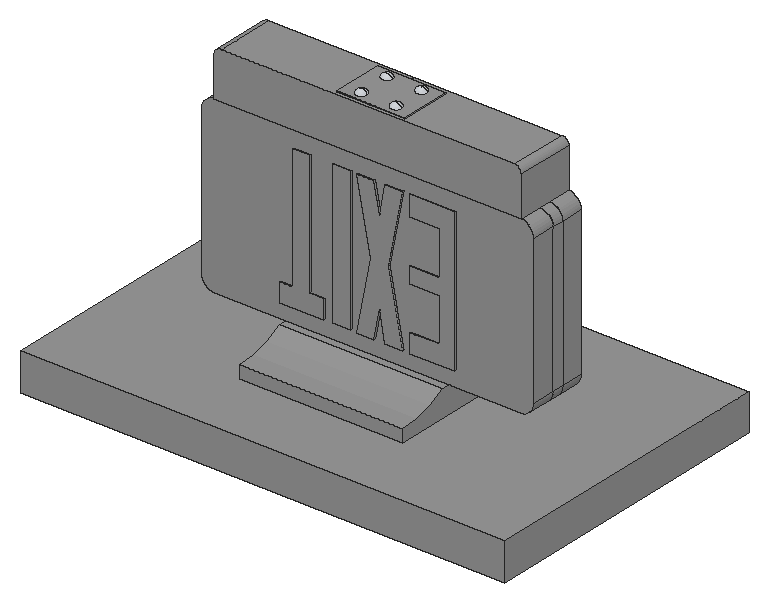
Revit family "FMCEPL1210-LR-LG-1-U-C", category Lighting Fixtures, host Face, Revit 2026
Family settings
  Host = Face
  Round Connector Dimension = Use Diameter
  Part Type = Normal
  Cut with Voids When Loaded = No
  Light Source = Yes
  Maintain Annotation Orientation = No
  Shared = No
  Room Calculation Point = No
Parameters (values of type "FMCEPL1210LRUCBA")
  Wattage Comments = "5 W"
  Wattage = 6.05889 W
  built-in parameter 1150110 = 1 (stored number, unit not read)
  Type Image = FMCEPL IMAGE.jpg
  Type Comments = ""
  built-in parameter 1114217 = 0.9 (stored number, unit not read)
  Tilt Angle = -90.00°
  built-in parameter 1150109 = 1 (stored number, unit not read)
  built-in parameter 1150134 = 2
  built-in parameter 1150113 = 1 (stored number, unit not read)
  Photometric Web File = "COMBO SL-FL-QL-CELING SYMM.ies"
  Model = "FMCEPL"
  Manufacturer = "BEGHELLI"
  built-in parameter 1150105 = 71.62 (stored number, unit not read)
  Lumens = 900 lm
  built-in parameter 1150115 = 1 (stored number, unit not read)
  built-in parameter 1150137 = (empty or 0)
  built-in parameter 1150139 = (empty or 0)
  built-in parameter 1150112 = 1 (stored number, unit not read)
  built-in parameter 1150114 = 1 (stored number, unit not read)
  Lamp = "LED"
  LETTER MATERIAL = LETTER MATERIAL RED
  LENS MATERIAL = LENS MATERIAL
  LED MATERIAL = LED MATERIAL
  built-in parameter 1150132 = 2
  built-in parameter 1150102 = (empty or 0)
  built-in parameter 1150107 = 5000 (stored number, unit not read)
  built-in parameter 1150138 = (empty or 0)
  built-in parameter 1150106 = 0.7162 (stored number, unit not read)
  Emit from Line Length = 2' - 0"
  built-in parameter 1150104 = 13.8 (stored number, unit not read)
  Dimming Lamp Color Temperature Shift = <None>
  Description = "The FORMALUCE COMBO series is configured with a two\u0002wire universal 120-347VAC 60 Hz Input. Solid state \r\nmicroprocessor controlled circuitry also includes brownout\r\nprotection, battery and charge circuit monitoring, LED \r\nfailure detection and reverse polarity protection.\r\r\nsolution. The Forma Combo is manufactured from sturdy die-cast aluminum \r\nand comes standard with a brushed aluminum face and black housing. \r\nOther housing and faceplate color options are available. A universal \r\nmounting canopy is included for ceiling and end mount installations. Indoor \r\n/ damp location rated."
  Default Elevation = 4' - 0"
  Color Filter = 16777215
  built-in parameter 1114218 = 1 (stored number, unit not read)
  HOUSING MATERIAL 2 = HOUSING MATERIAL BA
  HOUSING MATERIAL = HOUSING MATERIAL BA
  built-in parameter 1150133 = 10 (stored number, unit not read)
Reference planes (in)
  plane 1 "Center (Front/Back)": y = 0
  plane 2: z = 0
  plane 3 "Center (Left/Right)": x = 0
Forms (in)
  Extrusion 1, solid, material "HOUSING MATERIAL BA" <- "HOUSING MATERIAL"
    sketch origin (0, 0, 0) x (1, 0, 0) y (0, 1, 0)
      loop
        line (-9.25, 5.75) -> (-9.25, -5.82981) -> (9.16486, -5.82981) -> (9.16486, 5.75) -> (-9.25, 5.75)
    from 0 to -1.42056
Dimensions and locks (in)
  aligned and locked: plane 2 to Extrusion 1
  aligned and locked: level to Extrusion 1
  aligned and locked: nested 2 to nested 1
  aligned and locked: imposter light to nested 2
Nested families (in)
  nested 1: "FTZ PLUS BASE" at (0, 0, 0) x (0, 1, 0) z (0, 0, 1), type "FTZ PLUS BASE"
  nested 2: "FMCEPL" at (0, 0.25, 0.99982), type "FMCEPL"
Definition of nested family "FTZ PLUS BASE"
  Parameters (values of type "FTZ PLUS BASE")
    Default Elevation = 0' - 0"
    HOUSING MATERIAL = none
  Reference planes (in)
    plane 1 "Center (Front/Back)": y = 0
    plane 2: z = 0
    plane 3 "Center (Left/Right)": x = 0
    plane 4: x = -3.1
    plane 5: x = 3.1
    plane 6: y = 3.1
    plane 7: y = -3.1
    plane 8: z = 1
    plane 9: z = 0.5
  Forms (in)
    Extrusion 1, solid, material <- "HOUSING MATERIAL"
      sketch origin (0, 0, 0) x (-1, 0, 0) y (0, 0, 1)
        loop
          line (-3.1, 0) -> (3.1, 0) -> (3.1, 0.5)
          arc (3.1, 0.5) -> (2.11313, 0.60989) -> (1.2, 1) r 3.40267
          line (1.2, 1) -> (0, 1) -> (-1.2, 1)
          arc (-1.2, 1) -> (-2.11313, 0.60989) -> (-3.1, 0.5) r 3.40267
          line (-3.1, 0.5) -> (-3.1, 0)
      from -3.1 to 3.1
  Dimensions and locks (in)
    plane 4 to plane 3 "Center (Left/Right)" = 0' - 3.1"
    aligned and locked: plane 2 to level
Definition of nested family "FMCEPL"
  Parameters (values of type "FMCEPL")
    LETTERS MATERIAL = none
    LED MATERIAL = none
    Default Elevation = 0' - 0"
    BODY MATERIAL 2 = none
    BODY MATERIAL = none
  Reference planes (in)
    plane 1 "Center (Front/Back)": y = 0
    plane 2: z = 0
    plane 3 "Center (Left/Right)": x = 0
    plane 4: x = -6.315
    plane 5: y = 1.12
    plane 6: z = 1.77
    plane 7: z = 8.38
    plane 8: x = 6.315
    plane 9: y = -1.12
  Forms (in)
    Extrusion 1, solid, material <- "BODY MATERIAL"
      sketch origin (0, 0, -4.0467) x (1, 0, 0) y (0, 0, -1)
        loop
          line (-6.3125, -4.54688) -> (-6.3125, -10.15625)
          arc (-6.3125, -10.15625) -> (-6.16605, -10.5098) -> (-5.8125, -10.65625) r 0.5
          line (-5.8125, -10.65625) -> (5.8125, -10.65625)
          arc (5.8125, -10.65625) -> (6.16605, -10.5098) -> (6.3125, -10.15625) r 0.5
          line (6.3125, -10.15625) -> (6.3125, -4.54688)
          arc (6.3125, -4.54688) -> (6.16605, -4.19332) -> (5.8125, -4.04688) r 0.5
          line (5.8125, -4.04688) -> (-5.8125, -4.04688)
          arc (-5.8125, -4.04688) -> (-6.16605, -4.19332) -> (-6.3125, -4.54688) r 0.5
      from -1.12 to -0.22717
    Extrusion 2, solid, material <- "BODY MATERIAL 2"
      sketch origin (0, 0, -5.39045) x (1, 0, 0) y (0, 0, 1)
        loop
          line (6.3125, 5.89063) -> (6.3125, 11.5)
          arc (6.3125, 11.5) -> (6.16605, 11.85355) -> (5.8125, 12) r 0.5
          line (5.8125, 12) -> (-5.8125, 12)
          arc (-5.8125, 12) -> (-6.16605, 11.85355) -> (-6.3125, 11.5) r 0.5
          line (-6.3125, 11.5) -> (-6.3125, 5.89063)
          arc (-6.3125, 5.89063) -> (-6.16605, 5.53707) -> (-5.8125, 5.39063) r 0.5
          line (-5.8125, 5.39063) -> (5.8125, 5.39063)
          arc (5.8125, 5.39063) -> (6.16605, 5.53707) -> (6.3125, 5.89063) r 0.5
      from -0.22717 to 0.22717
    Extrusion 3, solid, material <- "BODY MATERIAL"
      sketch origin (0, 0, -4.0467) x (1, 0, 0) y (0, 0, 1)
        loop
          arc (-6.3125, 4.54688) -> (-6.16605, 4.19332) -> (-5.8125, 4.04688) r 0.5
          line (-5.8125, 4.04688) -> (5.8125, 4.04688)
          arc (5.8125, 4.04688) -> (6.16605, 4.19332) -> (6.3125, 4.54688) r 0.5
          line (6.3125, 4.54688) -> (6.3125, 10.15625)
          arc (6.3125, 10.15625) -> (6.16605, 10.5098) -> (5.8125, 10.65625) r 0.5
          line (5.8125, 10.65625) -> (-5.8125, 10.65625)
          arc (-5.8125, 10.65625) -> (-6.16605, 10.5098) -> (-6.3125, 10.15625) r 0.5
          line (-6.3125, 10.15625) -> (-6.3125, 4.54688)
      from -1.12 to -0.22717
    Extrusion 4, solid, material <- "BODY MATERIAL"
      sketch origin (0, 0, 8.38464) x (-1, 0, 0) y (0, 0, -1)
        loop
          line (-5.8431, 1.77) -> (-5.8431, 0.2465)
          arc (-5.8431, 0.2465) -> (-5.751, 0.0734) -> (-5.56918, 0) r 0.28665
          line (-5.56918, 0) -> (0, 0) -> (5.56918, 0)
          arc (5.56918, 0) -> (5.751, 0.0734) -> (5.8431, 0.2465) r 0.28665
          line (5.8431, 0.2465) -> (5.8431, 1.77) -> (0, 1.77) -> (-5.8431, 1.77)
      from -1.12 to 1.12
    Extrusion 5, solid, material <- "BODY MATERIAL"
      sketch origin (0, 0, 0) x (1, 0, 0) y (0, 1, 0)
        loop
          line (-1.29394, 0.96687) -> (-1.29394, -0.97129) -> (1.29512, -0.97129) -> (1.29512, 0.96687) -> (-1.29394, 0.96687)
      from 8.38 to 8.41205
    Revolve 6, solid
      sketch origin (0.35938, 0.60676, 0) x (1, 0, 0) y (0, 0, 1)
        loop
          line (-1.21662, 8.41205) -> (-1.01702, 8.41205) -> (-1.01702, 8.54562)
          arc (-1.01702, 8.54562) -> (-1.13763, 8.50995) -> (-1.21662, 8.41205) r 0.21134
        axis (-1.01702, 8.54562) -> (-1.01702, 8.41205)
      angle from 0 to 360
    Revolve 7, solid
      sketch origin (-0.35937, 0.60676, 0) x (-1, 0, 0) y (0, 0, -1)
        loop
          arc (-1.21662, -8.41205) -> (-1.13763, -8.50995) -> (-1.01702, -8.54562) r 0.21134
          line (-1.01702, -8.54562) -> (-1.01702, -8.41205) -> (-1.21662, -8.41205)
        axis (-1.01702, -8.54562) -> (-1.01702, -8.41205)
      angle from 0 to 360
    Revolve 8, solid
      sketch origin (0.35938, -0.60676, 0) x (1, 0, 0) y (0, 0, -1)
        loop
          arc (-1.21662, -8.41205) -> (-1.13763, -8.50995) -> (-1.01702, -8.54562) r 0.21134
          line (-1.01702, -8.54562) -> (-1.01702, -8.41205) -> (-1.21662, -8.41205)
        axis (-1.01702, -8.54562) -> (-1.01702, -8.41205)
      angle from 0 to 360
    Revolve 9, solid
      sketch origin (-0.35937, -0.60676, 0) x (-1, 0, 0) y (0, 0, 1)
        loop
          line (-1.21662, 8.41205) -> (-1.01702, 8.41205) -> (-1.01702, 8.54562)
          arc (-1.01702, 8.54562) -> (-1.13763, 8.50995) -> (-1.21662, 8.41205) r 0.21134
        axis (-1.01702, 8.54562) -> (-1.01702, 8.41205)
      angle from 0 to 360
  Dimensions and locks (in)
    plane 7 to level = 0' - 8.38"
    plane 6 to level = 0' - 1.77"
    plane 5 to plane 1 "Center (Front/Back)" = 0' - 1.12"
    Extrusion 4 to Extrusion 4 = 0' - 2.24"
    aligned and locked: plane 2 to level
  Nested families (in)
    nested 1: "FMCEPL LETTERS" at (0, 0, -0.5), type "LETTERS"
  Definition of nested family "FMCEPL LETTERS"
    Parameters (values of type "LETTERS")
      LETTERS = none
      Default Elevation = 0' - 0"
    Reference planes (in)
      plane 1 "Center (Front/Back)": y = 0
      plane 2: z = 0
      plane 3 "Center (Left/Right)": x = 0
      plane 4: y = 1.12
      plane 5: y = -1.12
    Forms (in)
      Extrusion 1, solid, material <- "LETTERS"
        sketch origin (-0.34014, -2.97129, 8.06159) x (-1, 0, 0) y (0, 0, 1)
          loop
            line (-3.69493, -6.97987) -> (-1.96514, -6.97987) -> (-1.96514, -6.26567) -> (-3.10481, -6.26567) -> (-3.10481, -4.62453) -> (-1.96514, -4.62453) -> (-1.96514, -4.00068) -> (-3.10481, -4.00068) -> (-3.10481, -2.32997) -> (-1.96514, -2.32997) -> (-1.96514, -1.56159) -> (-3.69493, -1.56159) -> (-3.69493, -6.97987)
        from 1.8 to 2
      Extrusion 2, solid, material <- "LETTERS"
        sketch origin (-0.30816, -2.97129, 7.56815) x (-1, 0, 0) y (0, 0, 1)
          loop
            line (-1.65593, -6.48643) -> (-1.00412, -6.48643) -> (-0.79065, -5.38819) -> (-0.57717, -6.48643) -> (0.08353, -6.48643) -> (-0.44247, -3.7804) -> (0.08353, -1.07436) -> (-0.57717, -1.07436) -> (-0.79065, -2.1726) -> (-1.00412, -1.07436) -> (-1.65593, -1.07436) -> (-1.12993, -3.7804) -> (-1.65593, -6.48643)
        from 1.8 to 2
      Extrusion 3, solid, material <- "LETTERS"
        sketch origin (-0.30816, -2.97129, 7.56815) x (-1, 0, 0) y (0, 0, 1)
          loop
            line (0.31684, -6.48643) -> (1.00215, -6.48643) -> (1.00215, -1.06815) -> (0.31684, -1.06815) -> (0.31684, -6.48643)
        from 1.8 to 2
      Extrusion 4, solid, material <- "LETTERS"
        sketch origin (-0.30816, -2.97129, 7.56815) x (-1, 0, 0) y (0, 0, 1)
          loop
            line (1.31684, -6.48643) -> (2.99279, -6.48643) -> (2.99279, -5.77223) -> (2.49133, -5.77223) -> (2.49133, -1.06815) -> (1.85311, -1.06815) -> (1.85311, -5.77223) -> (1.31684, -5.77223) -> (1.31684, -6.48643)
        from 1.8 to 2
      Extrusion 5, solid, material <- "LETTERS"
        sketch origin (0.39397, -0.83313, -0.48609) x (1, 0, 0) y (0, 0, -1)
          loop
            line (-3.69493, -6.97987) -> (-1.96514, -6.97987) -> (-1.96514, -6.26567) -> (-3.10481, -6.26567) -> (-3.10481, -4.62453) -> (-1.96514, -4.62453) -> (-1.96514, -4.00068) -> (-3.10481, -4.00068) -> (-3.10481, -2.32997) -> (-1.96514, -2.32997) -> (-1.96514, -1.56159) -> (-3.69493, -1.56159) -> (-3.69493, -6.97987)
        from 1.8 to 2
      Extrusion 6, solid, material <- "LETTERS"
        sketch origin (0.36199, -0.83313, 0.00735) x (1, 0, 0) y (0, 0, -1)
          loop
            line (-1.65593, -6.48643) -> (-1.00412, -6.48643) -> (-0.79065, -5.38819) -> (-0.57717, -6.48643) -> (0.08353, -6.48643) -> (-0.44247, -3.7804) -> (0.08353, -1.07436) -> (-0.57717, -1.07436) -> (-0.79065, -2.1726) -> (-1.00412, -1.07436) -> (-1.65593, -1.07436) -> (-1.12993, -3.7804) -> (-1.65593, -6.48643)
        from 1.8 to 2
      Extrusion 7, solid, material <- "LETTERS"
        sketch origin (0.36199, -0.83313, 0.00735) x (1, 0, 0) y (0, 0, -1)
          loop
            line (0.31684, -6.48643) -> (1.00215, -6.48643) -> (1.00215, -1.06815) -> (0.31684, -1.06815) -> (0.31684, -6.48643)
        from 1.8 to 2
      Extrusion 8, solid, material <- "LETTERS"
        sketch origin (4.72378, -0.83313, 7.56724) x (-1, 0, 0) y (0, 0, 1)
          loop
            line (1.31684, -6.48643) -> (2.99279, -6.48643) -> (2.99279, -5.77223) -> (2.49133, -5.77223) -> (2.49133, -1.06815) -> (1.85311, -1.06815) -> (1.85311, -5.77223) -> (1.31684, -5.77223) -> (1.31684, -6.48643)
        from 1.8 to 2
    Dimensions and locks (in)
      plane 4 to plane 1 "Center (Front/Back)" = 0' - 1.12"
      aligned and locked: plane 2 to level
